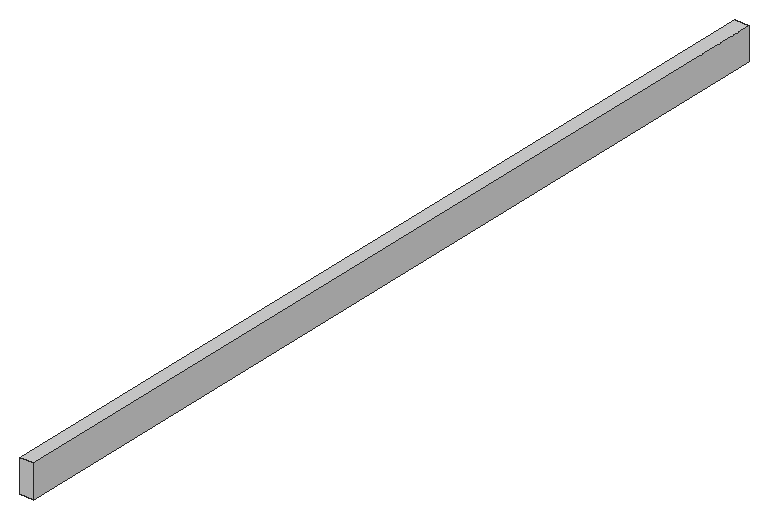
Revit family "ORMA_COMPENSATION TUBE 3,3_1908460", category Generic Models, Revit 2018
Family settings
  Can host rebar = No
  Round Connector Dimension = Use Diameter
  Part Type = Normal
  OmniClass Number = 35.51.14.00
  OmniClass Title = FORMWORK
  Work Plane-Based = Yes
  Always vertical = No
  Cut with Voids When Loaded = No
  Shared = Yes
  Room Calculation Point = No
Parameters
  VERSION = "20190101"  # constant formula
  URL = "www.ulmaconstruction.com/en"
  UNICLASS = ""
  ITEM_CODE = "1908460"
  Manufacturer = "ULMA CONSTRUCTION"  # constant formula
  FILTER [instance] = ""
  Default Elevation = 0.000 mm
  CLASSIFICATION_TITLE = ""
  CLASSIFICATION_NUMBER = ""
Reference planes
  plane 1 "Centro (Frontal/Posterior)": y = 0
  plane 2: z = 0
  plane 3 "Centro (Izquierda/Derecha)": x = 0
  plane 4 "ITEM_HEIGHT": y = 3300
  plane 5 "HOLES": z = -35
  plane 6 "HOLE 1": y = 450
  plane 7 "HOLE 2": y = 1050
  plane 8 "HOLE 3": y = 1650
  plane 9 "HOLE 4": y = 2250
  plane 10 "HOLE 5": y = 2850
  plane 11 "TIE HOLE 3": y = 3250
  plane 12 "TIE HOLE 1": y = 560
  plane 13 "TIE HOLE 2": y = 2140
Forms (mm)
  Extrusion 1, solid, material "ULMA ZINC"
    sketch origin (0, 0, -120) x (1, 0, 0) y (0, 0, 1)
      loop
        line (0, 0) -> (50, 0) -> (50, 120) -> (0, 120) -> (0, 0)
    from 0 to -3300
Lines and regions (mm)
  model lines, style "ULMA PANELS", detail levels fine
    curve 1: circle (25, 3250, -120) r 13 normal (0, 0, 1)
    curve 2: arc (38, 3274.5, 0) -> (25, 3287.5, 0) -> (12, 3274.5, 0) r 13
    curve 3: line (12, 3274.5, 0) -> (12, 3225.552, 0)
    curve 4: arc (12, 3225.552, 0) -> (24.974, 3212.5, 0) -> (38, 3225.5, 0) r 13
    curve 5: line (38, 3225.5, 0) -> (38, 3274.5, 0)
    curve 6: arc (38, 2202, 0) -> (25, 2215, 0) -> (12, 2202, 0) r 13
    curve 7: line (12, 2202, 0) -> (12, 2078.052, 0)
    curve 8: arc (12, 2078.052, 0) -> (24.974, 2065, 0) -> (38, 2078, 0) r 13
    curve 9: line (38, 2078, 0) -> (38, 2202, 0)
    curve 10: arc (38.002, 621.998, 0) -> (24.907, 634.999, 0) -> (12.001, 621.81, 0) r 13.001
    curve 11: line (12.001, 621.81, 0) -> (12.001, 498, 0)
    curve 12: arc (12.001, 498, 0) -> (25.002, 484.999, 0) -> (38.002, 498, 0) r 13.001
    curve 13: line (38.002, 498, 0) -> (38.002, 621.998, 0)
    curve 14: circle (25, 2140, -120) r 13 normal (0, 0, 1)
    curve 15: circle (25, 560, -120) r 13 normal (0, 0, 1)
    curve 16: circle (0, 450, -35) r 10 normal (1, 0, 0)
    curve 17: circle (0, 1050, -35) r 10 normal (1, 0, 0)
    curve 18: circle (0, 1650, -35) r 10 normal (1, 0, 0)
    curve 19: circle (0, 2250, -35) r 10 normal (1, 0, 0)
    curve 20: circle (0, 2850, -35) r 10 normal (1, 0, 0)
    curve 21: circle (50, 450, -35) r 10 normal (1, 0, 0)
    curve 22: circle (50, 1050, -35) r 10 normal (1, 0, 0)
    curve 23: circle (50, 1650, -35) r 10 normal (1, 0, 0)
    curve 24: circle (50, 2250, -35) r 10 normal (1, 0, 0)
    curve 25: circle (50, 2850, -35) r 10 normal (1, 0, 0)
Dimensions and locks
  plane 1 "Centro (Frontal/Posterior)" to plane 4 "ITEM_HEIGHT" = 3300.000 mm
  aligned and locked: level to plane 2
  aligned and locked: plane 4 "ITEM_HEIGHT" to Extrusion 1
